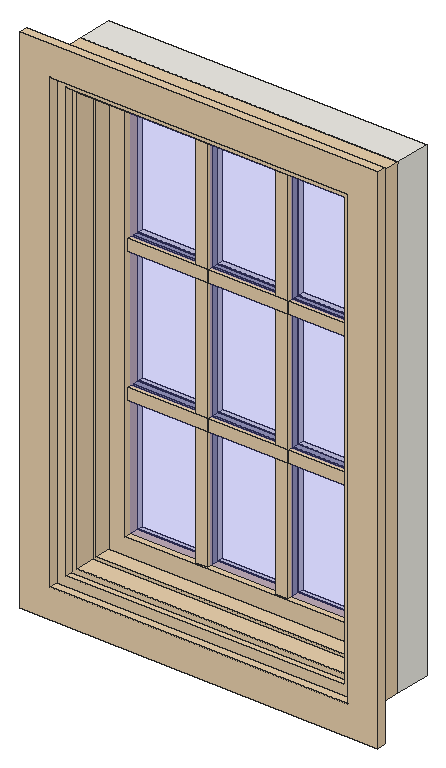
Revit family "Window-Transom-Andersen-A_Series 2", category Windows, host Wall, Revit 2013
Parameters (values of type "71-1/4" x 39-1/4"")
  Visual Light Transmittance = 0.49  # constant formula
  Thermal Resistance (R) = 0.67802  # 3.8500 (h·ft²·°F)/BTU
  TFL = if(Fractional Lights High > 5, 3, if(or(Fractional Lights High = 4, Fractional Lights High = 5), 2, if(or(Fractional Lights High = 2, Fractional Lights High = 3), 1, 1)))  # 1
  TFB = TFL - 1  # 0
  Solar Heat Gain Coefficient = 0.21  # constant formula
  Learn About These Parameters = "http://www.andersenwindows.com/for-professionals/cad-symbols-bim-support-window-doors/bim-support"
  LWide = if(Enter Pattern Number = 3, 3, if(Enter Pattern Number = 1, . . Lights Wide, Fractional Lights Wide))  # 3
  Heat Transfer Coefficient (U) = 1.4763  # 0.2600 BTU/(h·ft²·°F)
  Glazing Material = Glass ‐ Andersen - Low-E4 SmartSun
  Fractional Lights Wide = 7
  Fractional Lights High = 3
  Exterior Unit Finish = Fiberglass - Andersen - White
  Available Grille Bar Sizes = "3/4'', 7/8'', 1 1/8'', 2 1/4''"  # constant formula
  Between Glass Grille Bar Sizes = "3/4'', 1''"  # constant formula
  Interior Casing = yes
  Grille Bar Size = 0' - 0 7/8"
  Enter Pattern Number = 1
  Analytic Construction = "<None>"
  ..Pattern Number 1 = "Colonial"  # constant formula
  . . Lights Wide = 3
  . . Lights High = 3
  ..Pattern Number 2 = "Modified Colonial"  # constant formula
  ..Pattern Number 3 = "Prairie"  # constant formula
  ..Pattern Number 4 = "Short Fractional"  # constant formula
  ..Pattern Number 5 = "Tall Fractional"  # constant formula
  Extension Jamb = yes
  Enter Exterior Trim Number = 0
  ..Exterior Trim Number 0 = "No Exterior Trim"  # constant formula
  ..Exterior Trim Number 1 = "Brick Mould"  # constant formula
  ..Exterior Trim Number 2 = "3 1/2'' Flat Casing"  # constant formula
  ..Exterior Trim Number 3 = "4 1/2'' Flat Casing"  # constant formula
  Interior Grille Bar = yes
  Exterior Grille Bar = yes
  Between Glass Grille Bar = yes
  xjamb Visibility [instance] = and(Wall Depth > 0' 4 9/16", Extension Jamb)  # no
  xjamb S1 [instance] = if(Wall Depth > 0' 4 9/16", Wall Depth - 0' 4 9/16", 0' 3")  # 0' - 3"
  sill nose1 = 0' - 1 13/16"  # constant formula
  sill nose 2 = 0' - 1 15/16"  # constant formula
  casingS2 = if(Enter Exterior Trim Number = 1, 0' 0 3/16", 0' 0 3/16")  # 0' - 0 3/16"
  casingS1 = if(Enter Exterior Trim Number = 1, 0' 0 7/16", 0' 0 3/16")  # 0' - 0 3/16"
  casing4 = if(Enter Exterior Trim Number = 1, 0' 1 3/4", if(Enter Exterior Trim Number = 2, 0' 3 1/4", 0' 4 1/4"))  # 0' - 4 1/4"
  casing3 = 0' - 0 1/2"  # constant formula
  casing2 = 0' - 0 7/8"  # constant formula
  casing1 = 0' - 0 1/4"  # constant formula
  Xjamb 2 = 0' - 0 1/32"
  Xjamb 1 = 0' - 0 23/32"
  Wall Thickness [instance] = 0' - 8"
  Wall Depth [instance] = 0' - 4 9/16"
  Void Offset 2 = if(Enter Exterior Trim Number > 0, 0' 1 15/16", 0' 0")  # 0' - 0"
  Void Offset 1 = if(Enter Exterior Trim Number > 0, casing4, 0' 0")  # 0' - 0"
  Void Depth [instance] = if(Wall Thickness > Wall Depth, 0' 1" + Wall Thickness - Wall Depth, 0' 1")  # 0' - 4 7/16"
  VGB DLO = if(Enter Pattern Number = 3, 0' 4", (H DLO - (Grille Bar Size * (V Bars))) / if(LWide > 2, LWide, 3))  # 0' - 5.20833"
  V Bars = if(Enter Pattern Number = 3, 2, if(LWide > 2, LWide - 1, 2))  # 2
  URL = "www.andersenwindows.com"
  Type Comments = "Fibrex clad wood tansom window"
  TS V DLO = Height - HGO - SGO  # 2' - 5 3/8"
  TS V Bar Length = if(or(Enter Pattern Number = 5, Enter Pattern Number = 2), ((((Height - HGO - SGO - (Grille Bar Size * (Fractional Lights High - 1))) / Fractional Lights High)) * TFL) + (TFB * Grille Bar Size), if(Enter Pattern Number = 4, ((Height - HGO - SGO - (Grille Bar Size * (Fractional Lights High - 1))) / Fractional Lights High), Height - HGO - SGO))  # 2' - 5 3/8"
  TS SH DLO = if(or(Enter Pattern Number = 5, Enter Pattern Number = 2), ((((Height - HGO - SGO - (Grille Bar Size * (Fractional Lights High - 1))) / Fractional Lights High)) * TFL) + (TFB * Grille Bar Size) + HGO + (Grille Bar Size / 2), if(Enter Pattern Number = 4, TS V Bar Length + HGO + (Grille Bar Size / 2), (TS V DLO / 2) + HGO))  # 1' - 6"
  TS S V = or(and(LWide = 2, Enter Pattern Number = 1), and(Fractional Lights Wide = 2, or(or(Enter Pattern Number = 2, Enter Pattern Number = 4), Enter Pattern Number = 5)))  # no
  TS S H Craftsman = and(Enter Pattern Number = 2, or(Fractional Lights High = 4, Fractional Lights High = 5))  # no
  TS S H = or(or(or(and(. . Lights High = 2, Enter Pattern Number = 1), and(Enter Pattern Number = 4, Fractional Lights High > 1)), and(Enter Pattern Number = 5, Fractional Lights High > 1)), and(Enter Pattern Number = 2, Fractional Lights High > 1))  # no
  TS M V = LWide > 2  # yes
  TS M H = or(or(Enter Pattern Number = 3, and(. . Lights High > 2, Enter Pattern Number = 1)), and(Enter Pattern Number = 2, Fractional Lights High > 5))  # yes
  TS HGB DLO = if(Enter Pattern Number = 1, if(. . Lights High > 2, ((TS V Bar Length - (Grille Bar Size * (. . Lights High - 1))) / . . Lights High), 0' 4"), if(Enter Pattern Number = 3, 0' 4", if(Fractional Lights High > 2, ((TS V Bar Length - (Grille Bar Size * 2)) / 3), 0' 4")))  # 0' - 9.20833"
  TS H Bars = if(Enter Pattern Number = 3, 2, if(Enter Pattern Number = 1, if(. . Lights High > 2, . . Lights High - 1, 2), 2))  # 2
  SGO = 0' - 3 5/16"  # constant formula
  Rough Width = Width + (Rough Opening Offset * 2)  # 2' - 0 3/4"
  Rough Opening Offset = 0' - 0 3/8"
  Rough Height = Height + (Rough Opening Offset * 2)  # 3' - 0 3/4"
  Product Documentation Link = "http://www.andersenwindows.com/products/series/a-series/"
  Plan Exterior Mask Visibility [instance] = Plan Exterior Mask 2 > 0' 0 1/32"  # yes
  Plan Exterior Mask 2 [instance] = if(Enter Exterior Trim Number > 0, if(Wall Depth + 0' 1 1/16" + casingS1 > Wall Thickness, 0' 0 1/32", Wall Thickness - Wall Depth - 0' 1 1/16" - casingS1), if(Wall Depth + 0' 1 1/16" > Wall Thickness, 0' 0 1/32", Wall Thickness - Wall Depth - 0' 0 1/16"))  # 0' - 3 3/8"
  Plan Exterior Mask [instance] = if(Enter Exterior Trim Number > 0, 0' 1 1/16" + casingS1, 0' 1 1/16")  # 0' - 1 1/16"
  Nail Fin Visibility = Enter Exterior Trim Number = 0  # yes
  Model = "A-Series Transom"  # constant formula
  Masonry Width = if(Enter Exterior Trim Number > 0, Width + ((casing4 + Masonry Opening Offset) * 2), Width + (Masonry Opening Offset * 2))  # 2' - 0 3/4"
  Masonry Opening Offset = 0' - 0 3/8"
  Masonry Height = if(Enter Exterior Trim Number > 0, Height + (casing4 + Masonry Opening Offset) + (sill nose 2 + Masonry Opening Offset), Height + (Masonry Opening Offset * 2))  # 3' - 0 3/4"
  Manufacturer = "Andersen Corporation"  # constant formula
  JGO = 0' - 3 5/16"  # constant formula
  Interior Trim Visibility = Interior Casing  # yes
  Interior Material = Wood - Andersen - Pine
  Interior Casing Size = 0' - 2 1/4"
  Horizontal Craftsman Bar Size = Grille Bar Size  # 0' - 0 7/8"
  Height = 3' - 0"
  HGO = 0' - 3 5/16"  # constant formula
  H DLO = Width - (JGO * 2)  # 1' - 5 3/8"
  Family Version = "01.01.15"  # constant formula
  Exterior Trim Finish = Fibrex Composite - Andersen - White
  Designation = "ATF6034"
  Description = "Composite-clad wood casement window"  # constant formula
  Default Sill Height = 6' 10 1/2" - Rough Height  # 3' - 9 3/4"
  Wall Closure = By host
  Width = 2' - 0"
  Coarse Plan [instance] = if(Wall Depth < Wall Thickness, Wall Depth, Wall Thickness)  # 0' - 4 9/16"
  Casing Visibility = Enter Exterior Trim Number > 0  # no
  Between Glass Grille Bar Finish = Stainless Steel - Andersen - Standard
  Bar Center Line = if(Enter Pattern Number = 3, 1, 2)  # 2
  Assembly Code = "B2020100"
Reference planes (in)
  plane 1 "Center (Front/Back)": y = 0
  plane 2: z = 0
  plane 3 "Center (Left/Right)": x = 0
  plane 4 "R Frame": x = -12
  plane 5 "L Frame": x = 12
  plane 6 "B Frame": z = 47.4375
  plane 7 "T Frame": z = 83.4375
  plane 8 "L Glazing": x = 8.6875
  plane 9 "L Ext Frame": x = 11.375
  plane 10 "L Stop": x = 9.918
  plane 11 "L Xjamb 1": x = 11.28125
  plane 12 "L Casing 1": x = 11.75
  plane 13 "L Xjamb 2": x = 11.96875
  plane 14 "L Rough Opening": x = 12.375
  plane 15 "L Casing 2": x = 15.375
  plane 16 "L Casing 3": x = 15.75
  plane 17 "L Casing 4": x = 16.25
  plane 18 "R Glazing": x = -8.6875
  plane 19 "R Ext Frame": x = -11.375
  plane 20 "R Stop": x = -9.918
  plane 21 "R Xjamb 1": x = -11.28125
  plane 22 "R Casing 1": x = -11.75
  plane 23 "R Xjamb 2": x = -11.96875
  plane 24 "R Rough Opening": x = -12.375
  plane 25 "R Casing 2": x = -15.375
  plane 26 "R Casing 3": x = -15.75
  plane 27 "R Casing 4": x = -16.25
  plane 28 "R Int Casing": x = -13.53125
  plane 29 "T Glazing": z = 80.125
  plane 30 "T Ext Frame": z = 82.8125
  plane 31 "T Xjamb 1": z = 82.71875
  plane 32 "T Casing 1": z = 83.1875
  plane 33 "T Xjamb 2": z = 83.40625
  plane 34 "T Rough Opening": z = 83.8125
  plane 35 "T Casing 2": z = 86.8125
  plane 36 "T Casing 3": z = 87.1875
  plane 37 "T Casing 4": z = 87.6875
  plane 38 "T Int Casing": z = 84.96875
  plane 39 "B Glazing": z = 50.75
  plane 40 "B Ext Frame": z = 48.0625
  plane 41 "B Xjamb 2": z = 47.46875
  plane 42 "B Casing 1": z = 47.6875
  plane 43 "B Casing 2": z = 45.5
  plane 44 "B Int Casing": z = 45.90625
  plane 45 "L Int Casing": x = 13.53125
  plane 46 "Casing S1": y = 2.062
  plane 47 "Casing S2": y = 2.062
  plane 48 "Frame S1": y = 1.8745
  plane 49 "Flange": y = 0.5625
  plane 50 "Glass1 S1": y = 0.42381
  plane 51 "Glass1 S2": y = 0.30181
  plane 52 "Glass1 S3": y = -0.21919
  plane 53 "Glass1 S4": y = -0.34119
  plane 54 "Sash1 S2": y = -0.78619
  plane 55 "Frame S2": y = -4
  plane 56 "B Xjamb 1": z = 48.15625
  plane 57 "Exterior Offset": y = 5
  plane 58 "Interior Casing": y = -4.625
  plane 59 "Vertical Bar Length": z = 50.75
  plane 60 "B Rough Opening": z = 47.0625
  plane 61 "R Masonry Opening": x = -16.625
  plane 62 "L Masonry Opening": x = 16.625
  plane 63 "T Masonry Opening": z = 88.0625
  plane 64 "B Masonry Opening": z = 45.125
  plane 65 "Xjamb S1": y = -1
  plane 66 "Sash1 S1": y = 0.80581
  plane 67 "R Sash": x = -11.0171
  plane 68 "L Sash": x = 11.03125
  plane 69 "Stop S1": y = -3.4935
  plane 70 "B Sash": z = 48.4194
  plane 71 "T Sash": z = 82.4546
  plane 72 "T Int Frame": z = 82.0055
  plane 73 "B Int Frame": z = 48.8695
  plane 74 "L Int Frame": x = 10.5625
  plane 75 "R Int Frame": x = -10.568
  plane 76 "T Stop": z = 81.3555
  plane 77 "B Stop": z = 49.5195
Forms (in)
  Extrusion 1, void
    sketch origin (0, 0, 0) x (1, 0, 0) y (0, 0, 1)
      loop
        line (12, 83.4375) -> (-12, 83.4375) -> (-12, 47.4375) -> (12, 47.4375) -> (12, 83.4375)
    from -0.5625 to 4
  Extrusion 2, void
    sketch origin (0, 0, 0) x (1, 0, 0) y (0, 0, 1)
      loop
        line (12, 83.4375) -> (-12, 83.4375) -> (-12, 47.4375) -> (12, 47.4375) -> (12, 83.4375)
    from -16 to -0.5625
  Extrusion 3, solid, material "Wood - Andersen - Pine" <- "Interior Material", visible <- "xjamb Visibility", detail levels medium+fine
    sketch origin (0, -2.5625, 0) x (-1, 0, 0) y (0, 0, 1)
      loop
        line (11.96875, 83.40625) -> (-11.96875, 83.40625) -> (-11.96875, 47.46875) -> (11.96875, 47.46875) -> (11.96875, 83.40625)
      loop
        line (11.28125, 82.71875) -> (-11.28125, 82.71875) -> (-11.28125, 48.15625) -> (11.28125, 48.15625) -> (11.28125, 82.71875)
    from 1.5625 to -1.4375
  Extrusion 4, solid, material "Wood - Andersen - Pine" <- "Interior Material", visible <- "Interior Trim Visibility", detail levels fine
    sketch origin (0, -4.625, 0) x (-1, 0, 0) y (0, 0, 1)
      loop
        line (13.53125, 84.96875) -> (-13.53125, 84.96875) -> (-13.53125, 45.90625) -> (13.53125, 45.90625) -> (13.53125, 84.96875)
      loop
        line (11.28125, 82.71875) -> (-11.28125, 82.71875) -> (-11.28125, 48.15625) -> (11.28125, 48.15625) -> (11.28125, 82.71875)
    from 0 to 0.625
  Extrusion 5, solid, material "Fibrex Composite - Andersen - White" <- "Exterior Trim Finish", visible <- "Casing Visibility", detail levels medium+fine
    sketch origin (0, 0, 0) x (0, 1, 0) y (0, 0, 1)
      loop
        line (1.31163, 47.4375) -> (0.5625, 47.4375) -> (0.5625, 45.5) -> (2.375, 45.5) -> (2.375, 47.25) -> (1.31163, 47.4375)
    from -16.25 to 16.25
  Sweep 6, solid, material "Fibrex Composite - Andersen - White" <- "Exterior Trim Finish", visible <- "Casing Visibility", detail levels medium+fine
    path origin (0, 0.5625, 0) x (-1, 0, 0) y (0, 0, 1)
      loop
        line (-16.25, 45.5) -> (-16.25, 87.6875) -> (16.25, 87.6875) -> (16.25, 45.5)
    profile origin (16.25, 0.5625, 66.59375) x (1, 0, 0) y (0, 1, 0)
      loop
        line (-0.875, 1.4995) -> (-4.5, 1.4995) -> (-4.5, 0) -> (0, 0) -> (0, 1.4995) -> (-0.5, 1.4995) -> (-0.875, 1.4995)
  Extrusion 7, solid, material "Fibrex Composite - Andersen - White" <- "Exterior Trim Finish", visible <- "Casing Visibility", detail levels coarse
    sketch origin (0, 0.5625, 0) x (-1, 0, 0) y (0, 0, 1)
      loop
        line (-16.25, 87.6875) -> (-16.25, 45.5) -> (16.25, 45.5) -> (16.25, 87.6875) -> (-16.25, 87.6875)
      loop
        line (-11.75, 83.1875) -> (-11.75, 47.4375) -> (11.75, 47.4375) -> (11.75, 83.1875) -> (-11.75, 83.1875)
    from 0 to 1.4995
  Extrusion 8, solid, material "Wood - Andersen - Pine" <- "Interior Material"
    sketch origin (0, -0.78619, 0) x (-1, 0, 0) y (0, 0, 1)
      loop
        line (11.375, 82.8125) -> (-11.375, 82.8125) -> (-11.375, 48.0625) -> (11.375, 48.0625) -> (11.375, 82.8125)
      loop
        line (8.6875, 80.125) -> (-8.6875, 80.125) -> (-8.6875, 50.75) -> (8.6875, 50.75) -> (8.6875, 80.125)
    from 0 to 1.21
  Extrusion 9, solid, material "Fiberglass - Andersen - White" <- "Exterior Unit Finish"
    sketch origin (0, 80.71747, 0) x (-1, 0, 0) y (0, 0, 1)
      loop
        line (-8.6875, 80.125) -> (-8.6875, 50.75) -> (8.6875, 50.75) -> (8.6875, 80.125) -> (-8.6875, 80.125)
      loop
        line (-11.375, 48.0625) -> (11.375, 48.0625) -> (11.375, 82.8125) -> (-11.375, 82.8125) -> (-11.375, 48.0625)
    from -79.91166 to -80.29366
  Extrusion 10, solid, material "Glass ‐ Andersen - Low-E4 SmartSun" <- "Glazing Material"
    sketch origin (0, -0.34119, 0) x (-1, 0, 0) y (0, 0, 1)
      loop
        line (-8.6875, 80.125) -> (-8.6875, 50.75) -> (8.6875, 50.75) -> (8.6875, 80.125) -> (-8.6875, 80.125)
    from 0 to 0.765
  Extrusion 11, solid, material "Fiberglass - Andersen - White" <- "Exterior Unit Finish"
    sketch origin (0, 0, 0) x (1, 0, 0) y (0, 0, 1)
      loop
        line (12, 83.4375) -> (-12, 83.4375) -> (-12, 47.4375) -> (12, 47.4375) -> (12, 83.4375)
      loop
        line (11.375, 82.8125) -> (-11.375, 82.8125) -> (-11.375, 48.0625) -> (11.375, 48.0625) -> (11.375, 82.8125)
    from -1.8745 to 0.78619
  Extrusion 12, solid, material "Wood - Andersen - Pine" <- "Interior Material"
    sketch origin (0, 0, 0) x (1, 0, 0) y (0, 0, 1)
      loop
        line (12, 83.4375) -> (-12, 83.4375) -> (-12, 47.4375) -> (12, 47.4375) -> (12, 83.4375)
      loop
        line (10.5625, 82.0055) -> (-10.568, 82.0055) -> (-10.568, 48.8695) -> (10.5625, 48.8695) -> (10.5625, 82.0055)
    from 0.78619 to 4
  Extrusion 13, solid, material "Wood - Andersen - Pine" <- "Interior Material", detail levels medium+fine
    sketch origin (0, 0, 0) x (0, 1, 0) y (0, 0, 1)
      loop
        line (-2.0165, 49.5195) -> (-2.0165, 49.2945) -> (-3.4935, 49.2945) -> (-3.4935, 48.8695) -> (-0.78619, 48.8695) -> (-0.78619, 49.5195) -> (-2.0165, 49.5195)
    from -10.568 to 10.5625
  Extrusion 14, solid, material "Wood - Andersen - Pine" <- "Interior Material", detail levels medium+fine
    sketch origin (0, 0, 0) x (1, 0, 0) y (0, 1, 0)
      loop
        line (-10.568, -3.4935) -> (-10.143, -3.4935) -> (-10.143, -2.0165) -> (-9.918, -2.0165) -> (-9.918, -0.78619) -> (-10.568, -0.78619) -> (-10.568, -3.4935)
      loop
        line (10.5625, -3.4935) -> (10.5625, -0.78619) -> (9.918, -0.78619) -> (9.918, -2.0165) -> (10.143, -2.0165) -> (10.143, -3.4935) -> (10.5625, -3.4935)
    from 48.8695 to 82.0055
  Extrusion 15, solid, material "Wood - Andersen - Pine" <- "Interior Material", detail levels medium+fine
    sketch origin (0, 0, 0) x (0, 1, 0) y (0, 0, 1)
      loop
        line (-3.4935, 82.0055) -> (-3.4935, 81.5805) -> (-2.0165, 81.5805) -> (-2.0165, 81.3555) -> (-0.78619, 81.3555) -> (-0.78619, 82.0055) -> (-3.4935, 82.0055)
    from -10.568 to 10.5625
Cuts and joins
  joined: Extrusion 5, Sweep 6
  joined: Extrusion 13, Extrusion 14, Extrusion 15
Lines and regions (in)
  Masking region 1, detail levels medium+fine
    outline origin (0, 0, 47.4375) x (0, -1, 0) y (1, 0, 0)
      loop
        line (-1.8745, -12) -> (4, -12) -> (4, 12) -> (-1.8745, 12) -> (-1.8745, -12)
  Masking region 2, visible <- "Casing Visibility", detail levels medium+fine
    outline origin (0, 0, 47.4375) x (0, -1, 0) y (1, 0, 0)
      loop
        line (-1.8745, -12) -> (-1.8745, 12) -> (-0.5625, 12) -> (-0.5625, 16.25) -> (-2.062, 16.25) -> (-2.062, -16.25) -> (-0.5625, -16.25) -> (-0.5625, -12) -> (-1.8745, -12)
  Masking region 3, visible <- "Nail Fin Visibility", detail levels coarse
    outline origin (0, 0, 47.4375) x (0, -1, 0) y (1, 0, 0)
      loop
        line (-5, -12) -> (4, -12) -> (4, 12) -> (-5, 12) -> (-5, -12)
  Masking region 4
    outline origin (0, 0, 0) x (0, 1, 0) y (0, 0, 1)
      loop
        line (1.8745, 83.4375) -> (-4, 83.4375) -> (-4, 47.4375) -> (1.8745, 47.4375) -> (1.8745, 83.4375)
  Masking region 5, visible <- "Casing Visibility"
    outline origin (0, 0, 0) x (0, 1, 0) y (0, 0, 1)
      loop
        line (1.8745, 47.33825) -> (1.8745, 47.4375) -> (0.5625, 47.4375) -> (0.5625, 45.5) -> (2.375, 45.5) -> (2.375, 47.25) -> (1.8745, 47.33825)
  Masking region 6, visible <- "Casing Visibility"
    outline origin (0, 0, 0) x (0, 1, 0) y (0, 0, 1)
      loop
        line (1.8745, 83.4375) -> (1.8745, 47.33825) -> (2.062, 47.30519) -> (2.062, 87.6875) -> (0.5625, 87.6875) -> (0.5625, 83.4375) -> (1.8745, 83.4375)
  Masking region 7, visible <- "Casing Visibility"
    outline origin (0, 1.8745, 0) x (-1, 0, 0) y (0, 0, 1)
      loop
        line (-16.25, 87.6875) -> (-16.25, 45.5) -> (16.25, 45.5) -> (16.25, 87.6875) -> (-16.25, 87.6875)
  Masking region 8
    outline origin (0, 1.8745, 0) x (-1, 0, 0) y (0, 0, 1)
      loop
        line (-12, 83.4375) -> (-12, 47.4375) -> (12, 47.4375) -> (12, 83.4375) -> (-12, 83.4375)
  Masking region 9
    outline origin (0, -4, 0) x (-1, 0, 0) y (0, 0, 1)
      loop
        line (12, 83.4375) -> (-12, 83.4375) -> (-12, 47.4375) -> (12, 47.4375) -> (12, 83.4375)
  Masking region 10, visible <- "Interior Trim Visibility", detail levels fine
    outline origin (0, -4.625, 0) x (-1, 0, 0) y (0, 0, 1)
      loop
        line (13.53125, 84.96875) -> (-13.53125, 84.96875) -> (-13.53125, 45.90625) -> (13.53125, 45.90625) -> (13.53125, 84.96875)
      loop
        line (11.28125, 82.71875) -> (-11.28125, 82.71875) -> (-11.28125, 48.15625) -> (11.28125, 48.15625) -> (11.28125, 82.71875)
  Masking region 11, visible <- "Casing Visibility", detail levels coarse
    outline origin (0, 0, 47.4375) x (0, -1, 0) y (1, 0, 0)
      loop
        line (-5, -16.25) -> (-0.5625, -16.25) -> (-0.5625, -12) -> (4, -12) -> (4, 12) -> (-0.5625, 12) -> (-0.5625, 16.25) -> (-5, 16.25) -> (-5, -16.25)
  Masking region 12, visible <- "xjamb Visibility", detail levels medium+fine
    outline origin (0, 0, 0) x (0, 1, 0) y (0, 0, 1)
      loop
        line (-1, 83.40625) -> (-4, 83.40625) -> (-4, 47.46875) -> (-1, 47.46875) -> (-1, 83.40625)
  Masking region 13, visible <- "Interior Trim Visibility", detail levels fine
    outline origin (0, 0, 0) x (0, 1, 0) y (0, 0, 1)
      loop
        line (-4, 84.96875) -> (-4.625, 84.96875) -> (-4.625, 45.90625) -> (-4, 45.90625) -> (-4, 84.96875)
  Masking region 14, visible <- "xjamb Visibility", detail levels medium+fine
    outline origin (0, 0, 47.4375) x (0, -1, 0) y (1, 0, 0)
      loop
        line (1, -11.96875) -> (4, -11.96875) -> (4, 11.96875) -> (1, 11.96875) -> (1, -11.96875)
  Masking region 15, visible <- "Interior Trim Visibility", detail levels fine
    outline origin (0, 0, 47.4375) x (0, -1, 0) y (1, 0, 0)
      loop
        line (4, -13.53125) -> (4.625, -13.53125) -> (4.625, 13.53125) -> (4, 13.53125) -> (4, -13.53125)
  symbolic lines, style "WindowsFrameMullionProjection", visible <- "Casing Visibility", detail levels fine
    curve 1: line (15.75, 2.062, 47.4375) -> (15.375, 2.062, 47.4375)
    curve 2: line (15.375, 2.062, 47.4375) -> (11.75, 2.062, 47.4375)
    curve 3: line (11.75, 2.062, 47.4375) -> (11.75, 1.8745, 47.4375)
    curve 4: line (-15.75, 2.062, 47.4375) -> (-15.375, 2.062, 47.4375)
    curve 5: line (-15.375, 2.062, 47.4375) -> (-11.75, 2.062, 47.4375)
    curve 6: line (-11.75, 2.062, 47.4375) -> (-11.75, 1.8745, 47.4375)
  symbolic lines, style "WindowsGlassProjection", detail levels medium+fine
    curve 7: line (-8.6875, 0.42381, 47.4375) -> (8.6875, 0.42381, 47.4375)
    curve 10: line (-8.6875, -0.34119, 47.4375) -> (8.6875, -0.34119, 47.4375)
  symbolic lines, style "WindowsGlassProjection", detail levels fine
    curve 8: line (-8.6875, 0.30181, 47.4375) -> (8.6875, 0.30181, 47.4375)
    curve 9: line (-8.6875, -0.21919, 47.4375) -> (8.6875, -0.21919, 47.4375)
    curve 27: line (0, 0.30181, 80.125) -> (0, 0.30181, 50.75)
    curve 28: line (0, -0.21919, 80.125) -> (0, -0.21919, 50.75)
    curve 65: line (-9.1685, 0.30181, 46.25) -> (-8.6875, 0.30181, 46.25)
    curve 71: line (-8.8385, 0.30181, 46.25) -> (-8.8385, -0.21919, 46.25)
    curve 73: line (-8.6875, -0.21919, 46.25) -> (-9.1685, -0.21919, 46.25)
    curve 93: line (9.1685, 0.30181, 46.25) -> (8.6875, 0.30181, 46.25)
    curve 99: line (8.8385, 0.30181, 46.25) -> (8.8385, -0.21919, 46.25)
    curve 101: line (8.6875, -0.21919, 46.25) -> (9.1685, -0.21919, 46.25)
    curve 112: line (0, 0.30181, 80.606) -> (0, 0.30181, 80.124)
    curve 113: line (0, 0.30181, 80.276) -> (0, -0.21919, 80.276)
    curve 115: line (0, -0.21919, 80.124) -> (0, -0.21919, 80.606)
    curve 178: line (0, 0.30181, 50.269) -> (0, 0.30181, 50.751)
    curve 179: line (0, 0.30181, 50.599) -> (0, -0.21919, 50.599)
    curve 181: line (0, -0.21919, 50.751) -> (0, -0.21919, 50.269)
  symbolic lines, style "WindowsFrameMullionProjection", detail levels medium
    curve 11: line (-11.0171, 0.80581, 47.4375) -> (-8.6875, 0.80581, 47.4375)
    curve 12: line (-8.6875, 0.80581, 47.4375) -> (-8.6875, -0.78619, 47.4375)
    curve 13: line (-8.6875, -0.78619, 47.4375) -> (-9.918, -0.78619, 47.4375)
    curve 14: line (-11.0171, 1.8745, 47.4375) -> (-11.0171, 0.80581, 47.4375)
    curve 15: line (11.03125, 0.80581, 47.4375) -> (8.6875, 0.80581, 47.4375)
    curve 16: line (8.6875, 0.80581, 47.4375) -> (8.6875, -0.78619, 47.4375)
    curve 17: line (8.6875, -0.78619, 47.4375) -> (9.918, -0.78619, 47.4375)
    curve 18: line (11.03125, 1.8745, 47.4375) -> (11.03125, 0.80581, 47.4375)
    curve 44: line (9.918, -0.78619, 0) -> (9.918, -3.4935, 0)
    curve 45: line (-9.918, -0.78619, 0) -> (-9.918, -3.4935, 0)
    curve 156: line (-10.568, -3.4935, 0) -> (-10.568, -4, 0)
    curve 157: line (-9.918, -3.4935, 0) -> (-10.568, -3.4935, 0)
    curve 158: line (10.5625, -3.4935, 0) -> (10.5625, -4, 0)
    curve 159: line (9.918, -3.4935, 0) -> (10.5625, -3.4935, 0)
  symbolic lines, style "WindowsFrameMullionProjection", detail levels coarse
    curve 19: line (-9.918, -4, 47.4375) -> (-9.918, 5, 47.4375)
    curve 20: line (9.918, -4, 47.4375) -> (9.918, 5, 47.4375)
  symbolic lines, style "WindowsGlassProjection", detail levels coarse
    curve 21: line (-9.918, 0, 47.4375) -> (9.918, 0, 47.4375)
    curve 22: line (-9.918, 1, 47.4375) -> (9.918, 1, 47.4375)
  symbolic lines, style "WindowsFrameMullionProjection", visible <- "Casing Visibility"
    curve 23: line (0, 2.062, 87.1875) -> (0, 2.062, 86.8125)
    curve 24: line (0, 2.062, 86.8125) -> (0, 2.062, 83.1875)
    curve 25: line (0, 2.062, 83.1875) -> (0, 1.8745, 83.1875)
    curve 62: line (0, 2.062, 87.6875) -> (0, 0.5625, 87.6875)
    curve 63: line (0, 2.062, 45.5) -> (0, 0.5625, 45.5)
  symbolic lines, style "WindowsGlassProjection"
    curve 26: line (0, 0.42381, 80.125) -> (0, 0.42381, 50.75)
    curve 29: line (0, -0.34119, 80.125) -> (0, -0.34119, 50.75)
  symbolic lines, style "WindowsFrameMullionProjection", detail levels medium+fine
    curve 30: line (11.03125, 1.8745, 82.4546) -> (-11.0171, 1.8745, 82.4546)
    curve 31: line (11.03125, 1.8745, 48.4194) -> (11.03125, 1.8745, 82.4546)
    curve 32: line (-11.0171, 1.8745, 48.4194) -> (11.03125, 1.8745, 48.4194)
    curve 33: line (-11.0171, 1.8745, 82.4546) -> (-11.0171, 1.8745, 48.4194)
    curve 38: line (-9.918, -4, 81.3555) -> (9.918, -4, 81.3555)
    curve 39: line (-9.918, -4, 49.5195) -> (-9.918, -4, 81.3555)
    curve 40: line (9.918, -4, 49.5195) -> (-9.918, -4, 49.5195)
    curve 41: line (9.918, -4, 81.3555) -> (9.918, -4, 49.5195)
    curve 47: line (-10.568, -4, 82.0055) -> (10.5625, -4, 82.0055)
    curve 48: line (-10.568, -4, 48.8695) -> (-10.568, -4, 82.0055)
    curve 49: line (10.5625, -4, 48.8695) -> (-10.568, -4, 48.8695)
    curve 50: line (10.5625, -4, 82.0055) -> (10.5625, -4, 48.8695)
    curve 78: line (-12, 0.5625, 46.25) -> (-13.625, 0.5625, 46.25)
    curve 106: line (12, 0.5625, 46.25) -> (13.625, 0.5625, 46.25)
  symbolic lines, style "WindowsFrameMullionProjection"
    curve 34: line (8.6875, 0, 80.125) -> (-8.6875, 0, 80.125)
    curve 35: line (8.6875, 0, 50.75) -> (8.6875, 0, 80.125)
    curve 36: line (-8.6875, 0, 80.125) -> (-8.6875, 0, 50.75)
    curve 37: line (-8.6875, 0, 50.75) -> (8.6875, 0, 50.75)
    curve 60: line (-12, 0.5625, 47.4375) -> (-12, -4, 47.4375)
    curve 61: line (12, 0.5625, 47.4375) -> (12, -4, 47.4375)
    curve 107: line (0, 0.80581, 82.69065) -> (0, 1.87531, 82.8125)
    curve 108: line (0, -3.844, 82.0055) -> (0, -0.78619, 82.0055)
    curve 109: line (0, 0.80581, 80.31741) -> (0, 0.80581, 82.69065)
    curve 110: line (0, 0.47081, 80.124) -> (0, 0.80581, 80.31741)
    curve 111: line (0, 0.42381, 80.606) -> (0, 0.42381, 80.124)
    curve 114: line (0, 0.42381, 80.124) -> (0, 0.47081, 80.124)
    curve 116: line (0, 0.42381, 80.606) -> (0, -0.34119, 80.606)
    curve 117: line (0, -0.34119, 80.606) -> (0, -0.34119, 80.124)
    curve 118: line (0, -0.46768, 80.124) -> (0, -0.34119, 80.124)
    curve 119: line (0, -0.78619, 80.44251) -> (0, -0.46768, 80.124)
    curve 120: line (0, -0.78619, 82.0055) -> (0, -0.78619, 80.44251)
    curve 160: line (0, -2.0165, 81.5805) -> (0, -3.3375, 81.5805)
    curve 161: line (0, -3.3375, 81.5805) -> (0, -3.4935, 81.7365)
    curve 162: line (0, -3.4935, 81.7365) -> (0, -3.4935, 82.0055)
    curve 163: line (0, -3.844, 82.0055) -> (0, -4, 82.1615)
    curve 164: line (0, -2.0165, 81.3555) -> (0, -2.0165, 81.5805)
    curve 165: line (0, -0.78619, 81.3555) -> (0, -2.0165, 81.3555)
    curve 173: line (0, 0.80581, 48.18435) -> (0, 1.87531, 48.0625)
    curve 174: line (0, -3.844, 48.8695) -> (0, -0.78619, 48.8695)
    curve 175: line (0, 0.80581, 50.55759) -> (0, 0.80581, 48.18435)
    curve 176: line (0, 0.47081, 50.751) -> (0, 0.80581, 50.55759)
    curve 177: line (0, 0.42381, 50.269) -> (0, 0.42381, 50.751)
    curve 180: line (0, 0.42381, 50.751) -> (0, 0.47081, 50.751)
    curve 182: line (0, 0.42381, 50.269) -> (0, -0.34119, 50.269)
    curve 183: line (0, -0.34119, 50.269) -> (0, -0.34119, 50.751)
    curve 184: line (0, -0.46768, 50.751) -> (0, -0.34119, 50.751)
    curve 185: line (0, -0.78619, 50.43249) -> (0, -0.46768, 50.751)
    curve 186: line (0, -0.78619, 48.8695) -> (0, -0.78619, 50.43249)
    curve 187: line (0, -2.0165, 49.2945) -> (0, -3.3375, 49.2945)
    curve 188: line (0, -3.3375, 49.2945) -> (0, -3.4935, 49.1385)
    curve 189: line (0, -3.4935, 49.1385) -> (0, -3.4935, 48.8695)
    curve 190: line (0, -3.844, 48.8695) -> (0, -4, 48.7135)
    curve 191: line (0, -2.0165, 49.5195) -> (0, -2.0165, 49.2945)
    curve 192: line (0, -0.78619, 49.5195) -> (0, -2.0165, 49.5195)
  symbolic lines, style "WindowsFrameMullionProjection", visible <- "Casing Visibility", detail levels medium
    curve 42: line (-12, 1.8745, 47.4375) -> (-12, 2.062, 47.4375)
    curve 43: line (12, 2.062, 47.4375) -> (12, 1.8745, 47.4375)
  symbolic lines, style "WindowsFrameMullionProjection", visible <- "Nail Fin Visibility"
    curve 46: line (0, 0.5625, 85.0625) -> (0, 0.5625, 83.4375)
    curve 172: line (0, 0.5625, 45.8125) -> (0, 0.5625, 47.4375)
  symbolic lines, style "InvisibleLines", detail levels coarse
    curve 51: line (-12, -4, 0) -> (12.02356, -4, 0)
  symbolic lines, style "WindowsFrameMullionProjection", visible <- "xjamb Visibility", detail levels medium+fine
    curve 52: line (0, -1, 82.71875) -> (0, -4, 82.71875)
    curve 54: line (0, -1, 48.15625) -> (0, -4, 48.15625)
    curve 56: line (-11.28125, -1, 47.4375) -> (-11.28125, -4, 47.4375)
    curve 58: line (11.28125, -1, 47.4375) -> (11.28125, -4, 47.4375)
  symbolic lines, style "WindowsFrameMullionProjection", visible <- "Interior Trim Visibility", detail levels fine
    curve 53: line (0, -4, 82.71875) -> (0, -4.625, 82.71875)
    curve 55: line (0, -4, 48.15625) -> (0, -4.625, 48.15625)
    curve 57: line (-11.28125, -4, 47.4375) -> (-11.28125, -4.625, 47.4375)
    curve 59: line (11.28125, -4, 47.4375) -> (11.28125, -4.625, 47.4375)
  symbolic lines, style "WindowsFrameMullionProjection", visible <- "Nail Fin Visibility", not visible
    curve 64: line (0, 1.5625, 83.875) -> (0, 1.5625, 82.25)
  symbolic lines, style "WindowsFrameMullionProjection", detail levels fine
    curve 66: line (-9.1685, 0.42381, 46.25) -> (-8.6865, 0.42381, 46.25)
    curve 67: line (-8.6865, 0.42381, 46.25) -> (-8.6865, 0.47081, 46.25)
    curve 68: line (-8.6865, 0.47081, 46.25) -> (-8.87991, 0.80581, 46.25)
    curve 69: line (-8.87991, 0.80581, 46.25) -> (-11.25315, 0.80581, 46.25)
    curve 70: line (-9.1685, -0.34119, 46.25) -> (-9.1685, 0.42381, 46.25)
    curve 72: line (-9.1685, -0.34119, 46.25) -> (-8.6865, -0.34119, 46.25)
    curve 74: line (-8.6865, -0.46768, 46.25) -> (-8.6865, -0.34119, 46.25)
    curve 75: line (-9.00501, -0.78619, 46.25) -> (-8.6865, -0.46768, 46.25)
    curve 76: line (-10.568, -0.78619, 46.25) -> (-9.00501, -0.78619, 46.25)
    curve 77: line (-11.25315, 0.80581, 46.25) -> (-11.375, 1.87531, 46.25)
    curve 94: line (9.1685, 0.42381, 46.25) -> (8.6865, 0.42381, 46.25)
    curve 95: line (8.6865, 0.42381, 46.25) -> (8.6865, 0.47081, 46.25)
    curve 96: line (8.6865, 0.47081, 46.25) -> (8.87991, 0.80581, 46.25)
    curve 97: line (8.87991, 0.80581, 46.25) -> (11.25315, 0.80581, 46.25)
    curve 98: line (9.1685, -0.34119, 46.25) -> (9.1685, 0.42381, 46.25)
    curve 100: line (9.1685, -0.34119, 46.25) -> (8.6865, -0.34119, 46.25)
    curve 102: line (8.6865, -0.46768, 46.25) -> (8.6865, -0.34119, 46.25)
    curve 103: line (9.00501, -0.78619, 46.25) -> (8.6865, -0.46768, 46.25)
    curve 104: line (10.568, -0.78619, 46.25) -> (9.00501, -0.78619, 46.25)
    curve 105: line (11.25315, 0.80581, 46.25) -> (11.375, 1.87531, 46.25)
    curve 135: line (-10.724, -4, 0) -> (-10.568, -3.844, 0)
    curve 136: line (-10.568, -3.844, 0) -> (-10.568, -0.78619, 0)
    curve 137: line (-10.568, -3.4935, 0) -> (-10.299, -3.4935, 0)
    curve 138: line (-10.299, -3.4935, 0) -> (-10.143, -3.3375, 0)
    curve 139: line (-10.143, -3.3375, 0) -> (-10.143, -2.0165, 0)
    curve 140: line (-10.143, -2.0165, 0) -> (-9.918, -2.0165, 0)
    curve 141: line (-9.918, -2.0165, 0) -> (-9.918, -0.78619, 0)
    curve 149: line (10.724, -4, 0) -> (10.568, -3.844, 0)
    curve 150: line (10.568, -3.844, 0) -> (10.568, -0.78619, 0)
    curve 151: line (10.568, -3.4935, 0) -> (10.299, -3.4935, 0)
    curve 152: line (10.299, -3.4935, 0) -> (10.143, -3.3375, 0)
    curve 153: line (10.143, -3.3375, 0) -> (10.143, -2.0165, 0)
    curve 154: line (10.143, -2.0165, 0) -> (9.918, -2.0165, 0)
    curve 155: line (9.918, -2.0165, 0) -> (9.918, -0.78619, 0)
  symbolic lines, style "WindowsGlassProjection", not visible, detail levels fine
    curve 79: line (-47.93607, 132.70772, 46.25) -> (-47.45507, 132.70772, 46.25)
    curve 85: line (-47.60607, 132.70772, 46.25) -> (-47.60607, 132.18672, 46.25)
    curve 87: line (-47.45507, 132.18672, 46.25) -> (-47.93607, 132.18672, 46.25)
    curve 126: line (0, 1.30181, 79.4185) -> (0, 1.30181, 78.9365)
    curve 127: line (0, 1.30181, 79.0885) -> (0, 0.78081, 79.0885)
    curve 129: line (0, 0.78081, 78.9365) -> (0, 0.78081, 79.4185)
  symbolic lines, style "WindowsFrameMullionProjection", not visible, detail levels fine
    curve 80: line (-47.93607, 132.82972, 46.25) -> (-47.45407, 132.82972, 46.25)
    curve 81: line (-47.45407, 132.82972, 46.25) -> (-47.45407, 132.87672, 46.25)
    curve 82: line (-47.45407, 132.87672, 46.25) -> (-47.64748, 133.21172, 46.25)
    curve 83: line (-47.64748, 133.21172, 46.25) -> (-50.02072, 133.21172, 46.25)
    curve 84: line (-47.93607, 132.06472, 46.25) -> (-47.93607, 132.82972, 46.25)
    curve 86: line (-47.93607, 132.06472, 46.25) -> (-47.45407, 132.06472, 46.25)
    curve 88: line (-47.45407, 131.93823, 46.25) -> (-47.45407, 132.06472, 46.25)
    curve 89: line (-47.77258, 131.61972, 46.25) -> (-47.45407, 131.93823, 46.25)
    curve 90: line (-49.33557, 131.61972, 46.25) -> (-47.77258, 131.61972, 46.25)
    curve 91: line (-50.02072, 133.21172, 46.25) -> (-50.14257, 134.28122, 46.25)
    curve 142: line (-49.49157, 128.40591, 0) -> (-49.33557, 128.56191, 0)
    curve 143: line (-49.33557, 128.56191, 0) -> (-49.33557, 131.61972, 0)
    curve 144: line (-49.33557, 128.91241, 0) -> (-49.06657, 128.91241, 0)
    curve 145: line (-49.06657, 128.91241, 0) -> (-48.91057, 129.06841, 0)
    curve 146: line (-48.91057, 129.06841, 0) -> (-48.91057, 130.38941, 0)
    curve 147: line (-48.91057, 130.38941, 0) -> (-48.68557, 130.38941, 0)
    curve 148: line (-48.68557, 130.38941, 0) -> (-48.68557, 131.61972, 0)
  symbolic lines, style "WindowsFrameMullionProjection", not visible, detail levels medium+fine
    curve 92: line (-50.76757, 132.96841, 46.25) -> (-52.39257, 132.96841, 46.25)
  symbolic lines, style "WindowsFrameMullionProjection", not visible
    curve 121: line (0, 1.80581, 81.50315) -> (0, 2.87531, 81.625)
    curve 122: line (0, -2.844, 80.818) -> (0, 0.21381, 80.818)
    curve 123: line (0, 1.80581, 79.12991) -> (0, 1.80581, 81.50315)
    curve 124: line (0, 1.47081, 78.9365) -> (0, 1.80581, 79.12991)
    curve 125: line (0, 1.42381, 79.4185) -> (0, 1.42381, 78.9365)
    curve 128: line (0, 1.42381, 78.9365) -> (0, 1.47081, 78.9365)
    curve 130: line (0, 1.42381, 79.4185) -> (0, 0.65881, 79.4185)
    curve 131: line (0, 0.65881, 79.4185) -> (0, 0.65881, 78.9365)
    curve 132: line (0, 0.53232, 78.9365) -> (0, 0.65881, 78.9365)
    curve 133: line (0, 0.21381, 79.25501) -> (0, 0.53232, 78.9365)
    curve 134: line (0, 0.21381, 80.818) -> (0, 0.21381, 79.25501)
    curve 166: line (0, -1.0165, 80.393) -> (0, -2.3375, 80.393)
    curve 167: line (0, -2.3375, 80.393) -> (0, -2.4935, 80.549)
    curve 168: line (0, -2.4935, 80.549) -> (0, -2.4935, 80.818)
    curve 169: line (0, -2.844, 80.818) -> (0, -3, 80.974)
    curve 170: line (0, -1.0165, 80.168) -> (0, -1.0165, 80.393)
    curve 171: line (0, 0.21381, 80.168) -> (0, -1.0165, 80.168)
Text (in)
  text "EXTERIOR" at (-58.6888, 50.90694, 0), in view "Ref. Level"
  text "INTERIOR" at (-58.6888, -37.76638, 0), in view "Ref. Level"
  text "Exterior" at (0, 43.65631, 123.19604), in view "Left"
  text "Exterior" at (0, 18.29385, 125.04747), in view "Right"
Dimensions and locks (in)
  equal spacing: plane 4 "R Frame", plane 3 "Center (Left/Right)", plane 5 "L Frame"
  "Width": plane 4 "R Frame" to plane 5 "L Frame"
  "Height": plane 6 "B Frame" to plane 7 "T Frame"
  locked: plane 48 "Frame S1" to plane 49 "Flange" at 1.312
  locked: plane 49 "Flange" to plane 50 "Glass1 S1" at 0.13869
  locked: plane 49 "Flange" to plane 51 "Glass1 S2" at 0.26069
  locked: plane 49 "Flange" to plane 52 "Glass1 S3" at 0.78169
  locked: plane 49 "Flange" to plane 53 "Glass1 S4" at 0.90369
  locked: plane 49 "Flange" to plane 54 "Sash1 S2" at 1.34869
  "casingS2": plane 47 "Casing S2" to plane 48 "Frame S1"
  "casingS1": plane 46 "Casing S1" to plane 48 "Frame S1"
  "Xjamb 2": plane 33 "T Xjamb 2" to plane 7 "T Frame"
  "casing1": plane 32 "T Casing 1" to plane 7 "T Frame"
  "Xjamb 1": plane 31 "T Xjamb 1" to plane 7 "T Frame"
  locked: plane 30 "T Ext Frame" to plane 7 "T Frame" at 0.625
  "HGO": plane 29 "T Glazing" to plane 7 "T Frame"
  "Rough Opening Offset": plane 7 "T Frame" to plane 34 "T Rough Opening"
  "casing4": plane 7 "T Frame" to plane 37 "T Casing 4"
  "Xjamb 2": plane 6 "B Frame" to plane 41 "B Xjamb 2"
  locked: plane 6 "B Frame" to plane 42 "B Casing 1" at 0.25
  "Xjamb 1": plane 6 "B Frame" to plane 56 "B Xjamb 1"
  locked: plane 6 "B Frame" to plane 40 "B Ext Frame" at 0.625
  "SGO": plane 6 "B Frame" to plane 39 "B Glazing"
  "sill nose 2": plane 43 "B Casing 2" to plane 6 "B Frame"
  "casing4": plane 5 "L Frame" to plane 17 "L Casing 4"
  "casing4": plane 27 "R Casing 4" to plane 4 "R Frame"
  "casing3": plane 36 "T Casing 3" to plane 37 "T Casing 4"
  "casing2": plane 35 "T Casing 2" to plane 37 "T Casing 4"
  "casing3": plane 27 "R Casing 4" to plane 26 "R Casing 3"
  "casing2": plane 27 "R Casing 4" to plane 25 "R Casing 2"
  "casing1": plane 4 "R Frame" to plane 22 "R Casing 1"
  "casing1": plane 12 "L Casing 1" to plane 5 "L Frame"
  "casing3": plane 16 "L Casing 3" to plane 17 "L Casing 4"
  "casing2": plane 15 "L Casing 2" to plane 17 "L Casing 4"
  locked: plane 57 "Exterior Offset" to host wall at 1
  "Void Offset 1": plane 7 "T Frame" to Extrusion 2 sketch curve
  "Void Offset 1": Extrusion 2 sketch curve to plane 4 "R Frame"
  "Void Offset 1": plane 5 "L Frame" to Extrusion 2 sketch curve
  "Void Offset 2": Extrusion 2 sketch curve to plane 6 "B Frame"
  "Interior Casing Size": plane 28 "R Int Casing" to plane 21 "R Xjamb 1"
  "Interior Casing Size": plane 11 "L Xjamb 1" to plane 45 "L Int Casing"
  "Interior Casing Size": plane 31 "T Xjamb 1" to plane 38 "T Int Casing"
  "Interior Casing Size": plane 44 "B Int Casing" to plane 56 "B Xjamb 1"
  "Xjamb 1": plane 4 "R Frame" to plane 21 "R Xjamb 1"
  locked: plane 4 "R Frame" to plane 20 "R Stop" at 2.082
  locked: plane 4 "R Frame" to plane 19 "R Ext Frame" at 0.625
  "JGO": plane 4 "R Frame" to plane 18 "R Glazing"
  locked: plane 10 "L Stop" to plane 5 "L Frame" at 2.082
  locked: plane 9 "L Ext Frame" to plane 5 "L Frame" at 0.625
  "JGO": plane 8 "L Glazing" to plane 5 "L Frame"
  "Xjamb 1": plane 11 "L Xjamb 1" to plane 5 "L Frame"
  "Wall Thickness": host wall to host wall
  locked: plane 1 "Center (Front/Back)" to curve 22 at 1
  "sill nose1": Masking region 5 sketch curve to plane 49 "Flange"
  level to plane 7 "T Frame" = 6' - 11 7/16"
  "TS SH DLO": nested 2 to plane 7 "T Frame"
  "VGB DLO": nested 3 to plane 8 "L Glazing"
  group 2 to group 1 = 0' - 6.08333"
  group 1 to group 2 = 0' - 0"  (x2)
  "VGB DLO": plane 18 "R Glazing" to nested 5
  group 3 to group 4 = 0' - 0"  (x2)
  group 3 to group 4 = 0' - 10.08333"
  "TS HGB DLO": nested 6 to plane 29 "T Glazing"
  "TS HGB DLO": plane 59 "Vertical Bar Length" to nested 4
  "TS V Bar Length": plane 59 "Vertical Bar Length" to plane 29 "T Glazing"
  equal spacing: plane 59 "Vertical Bar Length", nested 7, plane 29 "T Glazing"
  "Rough Opening Offset": plane 60 "B Rough Opening" to plane 6 "B Frame"
  "Masonry Opening Offset": plane 61 "R Masonry Opening" to plane 27 "R Casing 4"
  "Masonry Opening Offset": plane 17 "L Casing 4" to plane 62 "L Masonry Opening"
  "Masonry Opening Offset": plane 37 "T Casing 4" to plane 63 "T Masonry Opening"
  "Masonry Opening Offset": plane 64 "B Masonry Opening" to plane 43 "B Casing 2"
  "sill nose1": Extrusion 5 sketch curve to plane 49 "Flange"
  "Void Depth": plane 57 "Exterior Offset" to Extrusion 2
  "Wall Depth": host wall to plane 49 "Flange"
  "Void Depth": plane 57 "Exterior Offset" to Masking region 11 sketch curve  (x2)
  locked: plane 58 "Interior Casing" to host wall at 0.625
  locked: Extrusion 2 to host wall at 12
  "Rough Opening Offset": plane 24 "R Rough Opening" to plane 4 "R Frame"
  "Rough Opening Offset": plane 5 "L Frame" to plane 14 "L Rough Opening"
  "Xjamb 2": plane 13 "L Xjamb 2" to plane 5 "L Frame"
  "Xjamb 2": plane 4 "R Frame" to plane 23 "R Xjamb 2"
  locked: plane 66 "Sash1 S1" to plane 49 "Flange" at 0.24331
  locked: plane 4 "R Frame" to plane 67 "R Sash" at 0.9829
  locked: plane 68 "L Sash" to plane 5 "L Frame" at 0.96875
  locked: plane 49 "Flange" to plane 69 "Stop S1" at 4.056
  locked: plane 6 "B Frame" to plane 70 "B Sash" at 0.9819
  locked: plane 71 "T Sash" to plane 7 "T Frame" at 0.9829
  locked: plane 72 "T Int Frame" to plane 7 "T Frame" at 1.432
  locked: plane 6 "B Frame" to plane 73 "B Int Frame" at 1.432
  locked: plane 74 "L Int Frame" to plane 5 "L Frame" at 1.4375
  locked: plane 4 "R Frame" to plane 75 "R Int Frame" at 1.432
  "xjamb S1": host wall to plane 65 "Xjamb S1"
  locked: plane 76 "T Stop" to plane 7 "T Frame" at 2.082
  locked: plane 6 "B Frame" to plane 77 "B Stop" at 2.082
  locked: Masking region 5 sketch curve to plane 6 "B Frame" at 0.1875
  locked: Extrusion 5 sketch curve to plane 6 "B Frame" at 0.1875
  locked: Extrusion 13 sketch curve to Extrusion 13 sketch curve at 1.23031
  locked: Extrusion 13 sketch curve to Extrusion 13 sketch curve at 1.477
  locked: Extrusion 15 sketch curve to Extrusion 15 sketch curve at 2.70731
  locked: Extrusion 15 sketch curve to Extrusion 15 sketch curve at 0.425
  locked: Extrusion 15 sketch curve to Extrusion 15 sketch curve at 0.65
  locked: Extrusion 14 sketch curve to Extrusion 14 sketch curve at 0.6445
  locked: Extrusion 14 sketch curve to Extrusion 14 sketch curve at 1.23031  (x2)
  locked: Extrusion 14 sketch curve to Extrusion 14 sketch curve at 0.225  (x2)
  locked: Extrusion 14 sketch curve to Extrusion 14 sketch curve at 2.70731  (x2)
  locked: Extrusion 14 sketch curve to Extrusion 14 sketch curve at 0.65
  locked: plane 49 "Flange" to plane 55 "Frame S2" at 4.5625
  locked: Extrusion 15 sketch curve to Extrusion 15 sketch curve at 1.23031
  locked: Extrusion 13 sketch curve to Extrusion 13 sketch curve at 0.65
  locked: Extrusion 13 sketch curve to Extrusion 13 sketch curve at 0.425
  locked: Extrusion 13 sketch curve to Extrusion 13 sketch curve at 2.70731
  locked: plane 42 "B Casing 1" to Masking region 5 sketch curve (angle 10.00°)
  locked: plane 42 "B Casing 1" to Masking region 6 sketch curve (angle 10.00°)
  locked: plane 42 "B Casing 1" to Extrusion 5 sketch curve (angle 10.00°)
  aligned and locked: level to plane 2
  aligned and locked: plane 7 "T Frame" to Extrusion 1 sketch curve
  aligned and locked: plane 5 "L Frame" to Extrusion 1 sketch curve
  aligned and locked: Extrusion 1 sketch curve to plane 4 "R Frame"
  aligned and locked: Extrusion 1 sketch curve to plane 6 "B Frame"
  aligned and locked: host wall to Extrusion 1
  aligned and locked: plane 49 "Flange" to Extrusion 1
  aligned and locked: Masking region 1 sketch curve to plane 48 "Frame S1"
  aligned and locked: Masking region 1 sketch curve to plane 4 "R Frame"
  aligned and locked: plane 5 "L Frame" to Masking region 1 sketch curve
  aligned and locked: plane 49 "Flange" to Masking region 2 sketch curve  (x2)
  aligned and locked: plane 4 "R Frame" to Masking region 2 sketch curve
  aligned and locked: plane 48 "Frame S1" to Masking region 2 sketch curve
  aligned and locked: Masking region 2 sketch curve to plane 5 "L Frame"
  aligned and locked: plane 17 "L Casing 4" to Masking region 2 sketch curve
  aligned and locked: Masking region 2 sketch curve to plane 46 "Casing S1"
  aligned and locked: plane 47 "Casing S2" to curve 1
  aligned and locked: plane 12 "L Casing 1" to curve 3
  aligned and locked: plane 48 "Frame S1" to curve 3
  aligned and locked: Masking region 2 sketch curve to plane 27 "R Casing 4"
  aligned and locked: plane 18 "R Glazing" to curve 8
  aligned and locked: plane 8 "L Glazing" to curve 8
  aligned and locked: curve 7 to plane 50 "Glass1 S1"
  aligned and locked: curve 8 to plane 51 "Glass1 S2"
  aligned and locked: curve 9 to plane 52 "Glass1 S3"
  aligned and locked: curve 10 to plane 53 "Glass1 S4"
  aligned and locked: plane 18 "R Glazing" to curve 12
  aligned and locked: plane 48 "Frame S1" to curve 18
  aligned and locked: curve 17 to plane 54 "Sash1 S2"
  aligned and locked: plane 8 "L Glazing" to curve 16
  aligned and locked: Masking region 3 sketch curve to plane 4 "R Frame"
  aligned and locked: plane 5 "L Frame" to Masking region 3 sketch curve
  aligned and locked: Masking region 3 sketch curve to plane 57 "Exterior Offset"
  aligned and locked: plane 57 "Exterior Offset" to curve 19
  aligned and locked: plane 57 "Exterior Offset" to curve 20
  aligned and locked: host wall to curve 21
  aligned and locked: plane 7 "T Frame" to Masking region 4 sketch curve
  aligned and locked: Masking region 4 sketch curve to plane 6 "B Frame"
  aligned and locked: Masking region 4 sketch curve to plane 48 "Frame S1"
  aligned and locked: plane 48 "Frame S1" to Masking region 5 sketch curve
  aligned and locked: Masking region 5 sketch curve to plane 48 "Frame S1"
  aligned and locked: Masking region 5 sketch curve to plane 49 "Flange"
  aligned and locked: Masking region 5 sketch curve to plane 6 "B Frame"
  aligned and locked: plane 43 "B Casing 2" to Masking region 5 sketch curve
  aligned and locked: Masking region 6 sketch curve to plane 48 "Frame S1"
  aligned and locked: plane 46 "Casing S1" to Masking region 6 sketch curve
  aligned and locked: Masking region 6 sketch curve to plane 37 "T Casing 4"
  aligned and locked: Masking region 6 sketch curve to plane 49 "Flange"
  aligned and locked: plane 7 "T Frame" to Masking region 6 sketch curve
  aligned and locked: plane 47 "Casing S2" to curve 23
  aligned and locked: plane 32 "T Casing 1" to curve 25
  aligned and locked: plane 48 "Frame S1" to curve 25
  aligned and locked: plane 29 "T Glazing" to curve 26
  aligned and locked: plane 29 "T Glazing" to curve 27
  aligned and locked: plane 29 "T Glazing" to curve 28
  aligned and locked: plane 29 "T Glazing" to curve 29
  aligned and locked: plane 50 "Glass1 S1" to curve 26
  aligned and locked: plane 51 "Glass1 S2" to curve 27
  aligned and locked: plane 52 "Glass1 S3" to curve 28
  aligned and locked: plane 53 "Glass1 S4" to curve 29
  aligned and locked: plane 37 "T Casing 4" to Masking region 7 sketch curve
  aligned and locked: plane 17 "L Casing 4" to Masking region 7 sketch curve
  aligned and locked: Masking region 7 sketch curve to plane 27 "R Casing 4"
  aligned and locked: Masking region 7 sketch curve to plane 43 "B Casing 2"
  aligned and locked: plane 7 "T Frame" to Masking region 8 sketch curve
  aligned and locked: plane 5 "L Frame" to Masking region 8 sketch curve
  aligned and locked: Masking region 8 sketch curve to plane 4 "R Frame"
  aligned and locked: Masking region 8 sketch curve to plane 6 "B Frame"
  aligned and locked: plane 29 "T Glazing" to curve 34
  aligned and locked: curve 36 to plane 18 "R Glazing"
  aligned and locked: plane 8 "L Glazing" to curve 35
  aligned and locked: curve 37 to plane 39 "B Glazing"
  aligned and locked: plane 7 "T Frame" to Masking region 9 sketch curve
  aligned and locked: Masking region 9 sketch curve to plane 4 "R Frame"
  aligned and locked: plane 5 "L Frame" to Masking region 9 sketch curve
  aligned and locked: Masking region 9 sketch curve to plane 6 "B Frame"
  aligned and locked: plane 31 "T Xjamb 1" to Masking region 10 sketch curve
  aligned and locked: Masking region 10 sketch curve to plane 21 "R Xjamb 1"
  aligned and locked: plane 11 "L Xjamb 1" to Masking region 10 sketch curve
  aligned and locked: Masking region 10 sketch curve to plane 56 "B Xjamb 1"
  aligned and locked: Masking region 10 sketch curve to plane 44 "B Int Casing"
  aligned and locked: plane 45 "L Int Casing" to Masking region 10 sketch curve
  aligned and locked: Masking region 10 sketch curve to plane 28 "R Int Casing"
  aligned and locked: plane 38 "T Int Casing" to Masking region 10 sketch curve
  aligned and locked: plane 5 "L Frame" to curve 43
  aligned and locked: Masking region 3 sketch curve to host wall
  aligned and locked: plane 31 "T Xjamb 1" to Extrusion 3 sketch curve
  aligned and locked: plane 33 "T Xjamb 2" to Extrusion 3 sketch curve
  aligned and locked: Extrusion 3 sketch curve to plane 21 "R Xjamb 1"
  aligned and locked: Extrusion 3 sketch curve to plane 23 "R Xjamb 2"
  aligned and locked: plane 11 "L Xjamb 1" to Extrusion 3 sketch curve
  aligned and locked: plane 13 "L Xjamb 2" to Extrusion 3 sketch curve
  aligned and locked: Extrusion 3 sketch curve to plane 56 "B Xjamb 1"
  aligned and locked: Extrusion 3 sketch curve to plane 41 "B Xjamb 2"
  aligned and locked: plane 31 "T Xjamb 1" to Extrusion 4 sketch curve
  aligned and locked: plane 38 "T Int Casing" to Extrusion 4 sketch curve
  aligned and locked: Extrusion 4 sketch curve to plane 21 "R Xjamb 1"
  aligned and locked: Extrusion 4 sketch curve to plane 28 "R Int Casing"
  aligned and locked: plane 11 "L Xjamb 1" to Extrusion 4 sketch curve
  aligned and locked: plane 45 "L Int Casing" to Extrusion 4 sketch curve
  aligned and locked: Extrusion 4 sketch curve to plane 56 "B Xjamb 1"
  aligned and locked: Extrusion 4 sketch curve to plane 44 "B Int Casing"
  aligned and locked: Extrusion 4 to host wall
  aligned and locked: Extrusion 4 to plane 58 "Interior Casing"
  aligned and locked: plane 43 "B Casing 2" to Extrusion 5 sketch curve
  aligned and locked: plane 43 "B Casing 2" to Sweep 6 sketch curve  (x2)
  aligned and locked: plane 17 "L Casing 4" to Sweep 6 sketch curve  (x2)
  aligned and locked: Sweep 6 sketch curve to plane 27 "R Casing 4"
  aligned and locked: plane 37 "T Casing 4" to Sweep 6 sketch curve
  aligned and locked: plane 16 "L Casing 3" to Sweep 6 sketch curve
  aligned and locked: plane 47 "Casing S2" to Sweep 6 sketch curve
  aligned and locked: Sweep 6 sketch curve to plane 46 "Casing S1"
  aligned and locked: plane 49 "Flange" to Sweep 6 sketch curve
  aligned and locked: Sweep 6 sketch curve to plane 12 "L Casing 1"
  aligned and locked: Sweep 6 sketch curve to plane 47 "Casing S2"
  aligned and locked: plane 15 "L Casing 2" to Sweep 6 sketch curve
  aligned and locked: Extrusion 5 to plane 17 "L Casing 4"
  aligned and locked: plane 27 "R Casing 4" to Extrusion 5
  aligned and locked: plane 32 "T Casing 1" to Extrusion 7 sketch curve
  aligned and locked: plane 37 "T Casing 4" to Extrusion 7 sketch curve
  aligned and locked: plane 12 "L Casing 1" to Extrusion 7 sketch curve
  aligned and locked: plane 17 "L Casing 4" to Extrusion 7 sketch curve
  aligned and locked: Extrusion 7 sketch curve to plane 22 "R Casing 1"
  aligned and locked: Extrusion 7 sketch curve to plane 27 "R Casing 4"
  aligned and locked: Extrusion 7 sketch curve to plane 43 "B Casing 2"
  aligned and locked: plane 46 "Casing S1" to Extrusion 7
  aligned and locked: plane 49 "Flange" to Extrusion 7
  aligned and locked: plane 8 "L Glazing" to Extrusion 8 sketch curve
  aligned and locked: Extrusion 8 sketch curve to plane 18 "R Glazing"
  aligned and locked: plane 29 "T Glazing" to Extrusion 8 sketch curve
  aligned and locked: plane 50 "Glass1 S1" to Extrusion 8
  aligned and locked: Extrusion 8 to plane 54 "Sash1 S2"
  aligned and locked: Extrusion 9 sketch curve to plane 8 "L Glazing"
  aligned and locked: Extrusion 9 sketch curve to plane 29 "T Glazing"
  aligned and locked: plane 18 "R Glazing" to Extrusion 9 sketch curve
  aligned and locked: Extrusion 9 to plane 50 "Glass1 S1"
  aligned and locked: plane 29 "T Glazing" to Extrusion 10 sketch curve
  aligned and locked: plane 8 "L Glazing" to Extrusion 10 sketch curve
  aligned and locked: Extrusion 10 sketch curve to plane 18 "R Glazing"
  aligned and locked: plane 50 "Glass1 S1" to Extrusion 10
  aligned and locked: Extrusion 10 to plane 53 "Glass1 S4"
  aligned and locked: nested 1 to plane 29 "T Glazing"
  aligned and locked: nested 1 to plane 3 "Center (Left/Right)"
  aligned and locked: plane 8 "L Glazing" to nested 2
  aligned and locked: nested 3 to plane 29 "T Glazing"
  aligned and locked: plane 8 "L Glazing" to nested 4
  aligned and locked: nested 5 to plane 29 "T Glazing"
  aligned and locked: plane 8 "L Glazing" to nested 6
  aligned and locked: plane 8 "L Glazing" to nested 7
  aligned and locked: Extrusion 5 sketch curve to plane 49 "Flange"
  aligned and locked: host wall to Masking region 11 sketch curve
  aligned and locked: plane 4 "R Frame" to Masking region 11 sketch curve
  aligned and locked: Masking region 11 sketch curve to plane 5 "L Frame"
  aligned and locked: plane 57 "Exterior Offset" to Masking region 11 sketch curve
  aligned and locked: plane 27 "R Casing 4" to Masking region 11 sketch curve
  aligned and locked: Masking region 11 sketch curve to plane 17 "L Casing 4"
  aligned and locked: plane 39 "B Glazing" to Extrusion 8 sketch curve
  aligned and locked: plane 66 "Sash1 S1" to curve 15
  aligned and locked: plane 66 "Sash1 S1" to Extrusion 9
  aligned and locked: host wall to curve 19
  aligned and locked: plane 7 "T Frame" to Extrusion 11 sketch curve
  aligned and locked: Extrusion 11 sketch curve to plane 4 "R Frame"
  aligned and locked: Extrusion 11 sketch curve to plane 6 "B Frame"
  aligned and locked: plane 5 "L Frame" to Extrusion 11 sketch curve
  aligned and locked: plane 30 "T Ext Frame" to Extrusion 11 sketch curve
  aligned and locked: Extrusion 11 sketch curve to plane 19 "R Ext Frame"
  aligned and locked: plane 9 "L Ext Frame" to Extrusion 11 sketch curve
  aligned and locked: Extrusion 11 sketch curve to plane 40 "B Ext Frame"
  aligned and locked: plane 48 "Frame S1" to Extrusion 11
  aligned and locked: Extrusion 10 sketch curve to plane 39 "B Glazing"
  aligned and locked: plane 39 "B Glazing" to curve 28
  aligned and locked: plane 39 "B Glazing" to curve 27
  aligned and locked: plane 39 "B Glazing" to curve 29
  aligned and locked: plane 39 "B Glazing" to curve 26
  aligned and locked: plane 39 "B Glazing" to Extrusion 9 sketch curve
  aligned and locked: plane 68 "L Sash" to curve 18
  aligned and locked: plane 55 "Frame S2" to Masking region 1 sketch curve
  aligned and locked: plane 55 "Frame S2" to Masking region 4 sketch curve
  aligned and locked: Extrusion 11 to plane 54 "Sash1 S2"
  aligned and locked: plane 72 "T Int Frame" to Extrusion 12 sketch curve
  aligned and locked: plane 74 "L Int Frame" to Extrusion 12 sketch curve
  aligned and locked: Extrusion 12 sketch curve to plane 75 "R Int Frame"
  aligned and locked: Extrusion 12 sketch curve to plane 73 "B Int Frame"
  aligned and locked: Extrusion 12 sketch curve to plane 6 "B Frame"
  aligned and locked: Extrusion 12 sketch curve to plane 4 "R Frame"
  aligned and locked: plane 7 "T Frame" to Extrusion 12 sketch curve
  aligned and locked: plane 5 "L Frame" to Extrusion 12 sketch curve
  aligned and locked: plane 54 "Sash1 S2" to Extrusion 12
  aligned and locked: plane 75 "R Int Frame" to Extrusion 13
  aligned and locked: Extrusion 13 to plane 74 "L Int Frame"
  aligned and locked: plane 73 "B Int Frame" to Extrusion 14
  aligned and locked: Extrusion 14 to plane 72 "T Int Frame"
  aligned and locked: plane 65 "Xjamb S1" to Extrusion 3
  aligned and locked: host wall to Extrusion 3
  aligned and locked: plane 76 "T Stop" to curve 38
  aligned and locked: plane 10 "L Stop" to curve 41
  aligned and locked: curve 39 to plane 20 "R Stop"
  aligned and locked: plane 72 "T Int Frame" to curve 47
  aligned and locked: curve 48 to plane 75 "R Int Frame"
  aligned and locked: plane 74 "L Int Frame" to curve 50
  aligned and locked: curve 49 to plane 73 "B Int Frame"
  aligned and locked: curve 32 to plane 70 "B Sash"
  aligned and locked: plane 68 "L Sash" to curve 31
  aligned and locked: plane 71 "T Sash" to curve 30
  aligned and locked: curve 33 to plane 67 "R Sash"
  aligned and locked: plane 4 "R Frame" to curve 51
  aligned and locked: Masking region 12 sketch curve to plane 33 "T Xjamb 2"
  aligned and locked: plane 65 "Xjamb S1" to Masking region 12 sketch curve
  aligned and locked: plane 41 "B Xjamb 2" to Masking region 12 sketch curve
  aligned and locked: host wall to Masking region 12 sketch curve
  aligned and locked: host wall to Masking region 13 sketch curve
